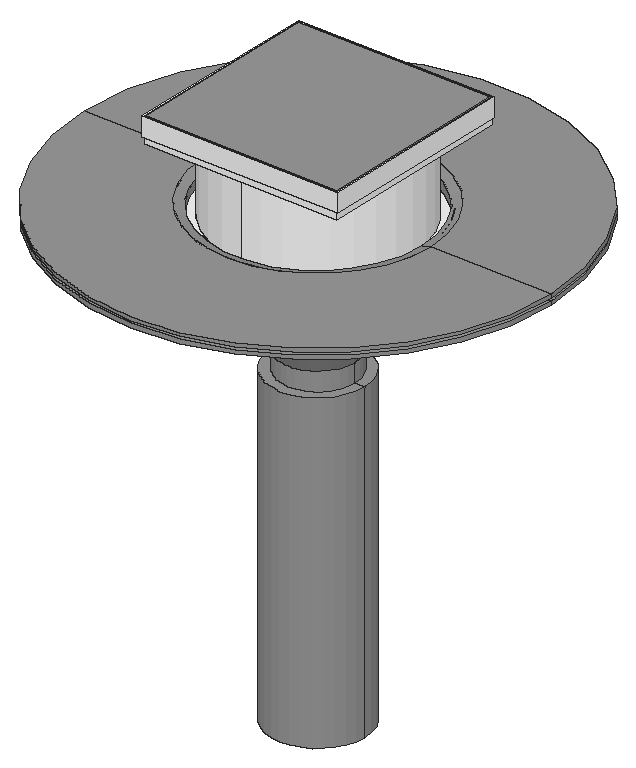
Revit family "HL_RU_Roof drain_HL69BP-B-221103", category Instalační zařizovací předměty, Revit 2021
Family settings
  Kóta kulaté spojky = Použít průměr
  Typ dílu = Normální
  Číslo OmniClass = 23.70.50.21.24.14
  Nadpis OmniClass = Deck Waste Water Drains
  Založené na pracovní rovině = Ne
  Vždy vertikální = Ano
  Ořezat dutým tvarem při načtení = Ne
  Sdílené = Ne
  Bod výpočtu místnosti = Ano
Parameters (values of type "HL_Кровельная воронка_HL69BP_7")
  РЕШЁТКА = "Edelstahl 137x137mm"
  РАЗМЕР = "für DN75"
  ПРОПУСКНАЯ СПОСОБНОСТЬ [instance] = 0.0 L/s
  ПРОИЗВОДИТЕЛЬНОСТЬ = "7,00 l/sec"
  ПРАВОВАЯ ИНФОРМАЦИЯ = "Авторские права(©), права на дизайн или какие либо другие права интелектуальной собственности являются исключительной собственностью компании HL Hutterer & Lechner. Изменению не подлежит. Файл семейства с данными о прозводителе изделия защищен паролем с водяным знаком."
  НОМИНАЛЬНЫЙ ДИАМЕТР = 75 mm
  НАСАДКА = "12-65mm/148x148mm"
  МАТЕРИАЛ = "PP/PVC"
  МАКСИМАЛЬНАЯ НАГРУЗКА КЛАССА = "K - 300 kg"
  ВЫСОТА МОНТАЖА = "301 mm"
  ВЕС = "1,961 [kg]"
  Výchozí výška = 0 mm
  Výrobce = "HL Hutterer & Lechner GmbH"  # constant formula
  URL = "http://www.hutterer-lechner.com/ru/products/catalog/roof-drains/HL69BP/7.aspx"
  Материал плитка [instance] = none
  Přípoj ventilace = no
  Přípoj odpadních dílů = yes
  Přípoj HW = no
  Přípoj CW = no
  Popis = "Кровельные воронки"
  Model = "HL69BP_7"
  Assembly Code = " "
  Komentáře k typům = "HL69BP/7, \"Ремонтная\" кровельная воронка с ПВХ_консолью для DN75. Может использоваться для эксплуатируемой кровли _ 148х148мм/137х137мм"
  Keynote = "HL69BP_7"
  EAN = "9003076022748"
  Bысота монтажа [instance] = 65 mm
  G [instance] = 180.00°  # constant formula
  D [instance] = if(НОМИНАЛЬНЫЙ ДИАМЕТР = 75 mm, 250.7 mm, if(НОМИНАЛЬНЫЙ ДИАМЕТР = 160 mm, 250.7 mm, 363.5 mm)) + Bысота монтажа  # 315.7 mm
  C [instance] = if(Bысота монтажа - 68 mm < 0 mm, 0 mm, Bысота монтажа - 68 mm)  # 0 mm
  B [instance] = 100 mm  # constant formula
  A [instance] = if(B - 100 mm > 15 mm, B - 100 mm, 15 mm)  # 15 mm
Types (4, lengths in mm): name | РАЗМЕР | ПРОИЗВОДИТЕЛЬНОСТЬ | НОМИНАЛЬНЫЙ ДИАМЕТР | ВЕС | URL | Model | Komentáře k typům | Keynote | EAN | D
  (no name) | "für DN75" | "7,00 l/sec" | 75 | "1,961 [kg]" | "http://www.hutterer-lechner.com/ru/products/catalog/roof-drains/HL69BP/7.aspx" | "HL69BP_7" | "HL69BP/7, \"Ремонтная\" кровельная воронка с ПВХ_консолью для DN75. Может использоваться для эксплуатируемой кровли _ 148х148мм/137х137мм" | "HL69BP_7" | "9003076022748" | 315.7
  HL_Кровельная воронка_HL69BP_1 | "für DN110" | "6,83 l/s" | 110 | "2,02 [kg]" | "http://www.hutterer-lechner.com/ru/products/catalog/roof-drains/HL69BP/1.aspx" | "HL69BP_1" | "HL69BP/1, \"Ремонтная\" кровельная воронка с ПВХ_консолью для DN110. Может использоваться для эксплуатируемой кровли _ 148х148мм/137х137мм" | "HL69BP_1" | "9003076022687" | 428.5
  HL_Кровельная воронка_HL69BP_5 | "für DN160" | "6,50 l/s" | 160 | "2,02 [kg]" | "http://www.hutterer-lechner.com/ru/products/catalog/roof-drains/HL69BP/5.aspx" | "HL69BP_5" | "HL69BP/5, \"Ремонтная\" кровельная воронка с ПВХ_консолью для DN160. Может использоваться для эксплуатируемой кровли _ 148х148мм/137х137мм" | "HL69BP_5" | "9003076022724" | 315.7
  HL_Кровельная воронка_HL69BP_7 | "für DN75" | "7,00 l/sec" | 75 | "1,961 [kg]" | "http://www.hutterer-lechner.com/ru/products/catalog/roof-drains/HL69BP/7.aspx" | "HL69BP_7" | "HL69BP/7, \"Ремонтная\" кровельная воронка с ПВХ_консолью для DN75. Может использоваться для эксплуатируемой кровли _ 148х148мм/137х137мм" | "HL69BP_7" | "9003076022748" | 315.7
Reference planes
  plane 1 "Center (Front/Back)": y = 0
  plane 2: z = 0
  plane 3 "Center (Left/Right)": x = 0
  plane 4: z = -100
  plane 5: z = -65
Lines and regions (mm)
  model lines, style "InvisibleLines"
    curve 1: line (0, 0, 0) -> (0, 0, 20)
  model lines, style "PlumbingFixtures", detail levels coarse+medium
    curve 2: line (0, 0, -100) -> (0, 0, -85)
    curve 3: line (0, 0, -85) -> (-85, 0, 0)
    curve 4: line (0, 0, -85) -> (85, 0, 0)
    curve 6: line (0, 0, -100) -> (0, 0, -415.7)
  reference lines, not visible
    curve 5: line (0, 0, -100) -> (0, 0, -415.7)
  symbolic lines, style "PlumbingFixtures", detail levels coarse+medium
    curve 7: line (-75, 75, 0) -> (75, 75, 0)
    curve 8: line (-75, -75, 0) -> (-75, 75, 0)
    curve 9: line (75, -75, 0) -> (-75, -75, 0)
    curve 10: line (75, 75, 0) -> (75, -75, 0)
    curve 11: line (-75, 75, 0) -> (-145.711, 145.711, 0)
    curve 12: line (75, 75, 0) -> (145.711, 145.711, 0)
    curve 13: line (-75, -75, 0) -> (-145.711, -145.711, 0)
    curve 14: line (75, -75, 0) -> (145.711, -145.711, 0)
  symbolic lines, style "PlumbingFixtures", not visible, detail levels coarse+medium
    curve 15: line (-75, 75, 0) -> (75, 75, 0)
    curve 16: line (-75, -75, 0) -> (-75, 75, 0)
    curve 17: line (75, -75, 0) -> (-75, -75, 0)
    curve 18: line (75, 75, 0) -> (75, -75, 0)
    curve 19: line (-75, 75, 0) -> (-145.711, 145.711, 0)
    curve 20: line (75, 75, 0) -> (145.711, 145.711, 0)
    curve 21: line (-75, -75, 0) -> (-145.711, -145.711, 0)
    curve 22: line (75, -75, 0) -> (145.711, -145.711, 0)
Text (mm)
  text "FLOOR" at (-162.344, 0, -10.979), in view "Drain Construction View"
Dimensions and locks
  "B": plane 2 to plane 4
  "Bысота монтажа": plane 2 to plane 5
  "A": curve 4 to plane 4
  "D": curve 5 to curve 5
  "D": curve 6 to curve 6
  locked: curve 4 to plane 3 "Center (Left/Right)" (angle 45.00°)
  locked: plane 3 "Center (Left/Right)" to curve 3 (angle 45.00°)
  "G": angle curve 5 to plane 3 "Center (Left/Right)"
  aligned and locked: level to plane 2
  aligned and locked: plane 2 to curve 4
  aligned and locked: plane 2 to curve 3
  aligned and locked: plane 4 to curve 5
  aligned and locked: plane 3 "Center (Left/Right)" to curve 5
  aligned and locked: plane 4 to curve 2
  aligned and locked: curve 6 to plane 3 "Center (Left/Right)"
  aligned and locked: curve 6 to plane 4
  aligned and locked: plane 2 to nested 1
  aligned and locked: nested 2 to plane 3 "Center (Left/Right)"
  aligned and locked: plane 3 "Center (Left/Right)" to nested 1
  aligned and locked: nested 2 to plane 5
Automatic sketch dimensions
  curve 2 to plane 3 "Center (Left/Right)" = 0 mm
  curve 1 to plane 3 "Center (Left/Right)" = 0 mm
  curve 1 to level = 0 mm
  level to curve 1 = 20 mm
Nested families
  nested 1: "HL_Насадка_HL66.9S" at (0, 0, 0), Bысота монтажа <- "Bысота монтажа", type "HL_Grate frame_HL66.9S"
    with L 93 mm, IHmin 12 mm, IHmax 65 mm, Bысота монтажа 65 mm
  nested 2: "HL_кровельные воронки - корпус_HL69P" at (0, 0, -69.5), НОМИНАЛЬНЫЙ ДИАМЕТР <- "НОМИНАЛЬНЫЙ ДИАМЕТР", type "HL_кровельные воронки - корпус_HL69P"
    with НОМИНАЛЬНЫЙ ДИАМЕТР 75 mm, C no, B yes, A no
Connectors
  piping at (0, 0, -415.7), diameter 75, driven by "ПРОПУСКНАЯ СПОСОБНОСТЬ", driven by "НОМИНАЛЬНЫЙ ДИАМЕТР"
    settings: on curve 5, index 1, connector inside diameter 609.6 mm, connector length 0 mm, flow factor 0, pipe flow 0.0 L/s, pressure drop 0.0 Pa, fitting loss kfactor 0, connector angle 0.00°, fixture units 0, engagement length 0 mm, angle of deflection 0.00°, flow configuration 1, flow direction 2, fitting loss method 0, system type 16, joint type 0, gender type 0, connector reference index -1, connector utility 0, adjustable connector yes, is connector primary yes, connector description ""
Definition of nested family "HL_Насадка_HL66.9S"
  Parameters (values of type "HL_Grate frame_HL66.9S")
    РЕШЁТКА = "Edelstahl 138x138mm"
    РАЗМЕР = "d 145 mm"
    ПРАВОВАЯ ИНФОРМАЦИЯ = "Авторские права(©), права на дизайн или какие либо другие права интелектуальной собственности являются исключительной собственностью компании HL Hutterer & Lechner. Изменению не подлежит. Файл семейства с данными о прозводителе изделия защищен паролем с водяным знаком."
    НАСАДКА = "147x147mm"
    МАТЕРИАЛ = "PP"
    МАКСИМАЛЬНАЯ НАГРУЗКА КЛАССА = "K - 300 kg"
    ВЫСОТА МОНТАЖА = "12-65mm"
    Материал плитка = none
    ВЕС = "0,345 [kg]"
    Default Elevation = 0 mm
    L [instance] = if(Bысота монтажа < IHmin, -100 mm, if(Bысота монтажа > IHmax, -100 mm, Bысота монтажа + 28 mm))  # 93 mm
    Manufacturer = "HL Hutterer & Lechner GmbH"
    URL = "http://www.hutterer-lechner.com/ru/products/catalog/roof-drains/HL66.9.aspx"
    Description = "Кровельные воронки"
    Model = "HL66.9"
    Type Comments = "HL66.9, Насадка d 145мм с бороздками/147х147мм/138х138мм"
    Keynote = "HL66.9"
    Bысота монтажа [instance] = 65 mm
    IHmin [instance] = 12 mm
    IHmax [instance] = 65 mm
    EAN = "9003076014606"
    Cost = 0
  Reference planes
    plane 1 "Střed (vpředu/vzadu)": y = 0
    plane 2: z = 0
    plane 3 "Střed (vlevo/vpravo)": x = 0
  Forms (mm)
    Revolve 1, solid, detail levels fine
      sketch origin (0, 0, 128) x (0, 1, 0) y (0, 0, 1)
        loop
          line (72.5, -142) -> (69.248, -142) -> (69.248, -221) -> (72.5, -221) -> (72.5, -142)
        axis (0, -142) -> (0, -221)
      angle from 0 to 360
    Extrusion 2, solid, detail levels fine
      sketch origin (-1.537, 0, -14.6) x (0, 1, 0) y (-1, 0, 0)
        loop
          line (74, 72.459) -> (-74, 72.459) -> (-74, -75.537) -> (74, -75.537) -> (74, 72.459)
        loop
          line (73, 71.463) -> (-73, 71.463) -> (-73, -74.537) -> (73, -74.537) -> (73, 71.463)
      from 0.6 to 14.6
    Extrusion 3, solid, detail levels fine
      sketch origin (-1.537, 0, -14) x (-1, 0, 0) y (0, 1, 0)
        loop
          line (71.463, 73) -> (-74.537, 73) -> (-74.537, -73) -> (71.463, -73) -> (71.463, 73)
        loop
          circle (-1.537, 0) r 72.5
      from 0 to 5
    Extrusion 4, solid, detail levels fine
      sketch origin (-1.537, 0, -14) x (-1, 0, 0) y (0, -1, 0)
        loop
          line (70.95, -72.397) -> (70.95, 72.463) -> (-74.05, 72.463) -> (-74.05, -72.397) -> (70.95, -72.397)
      from 0 to 14
    Revolve 5, solid, detail levels fine
      sketch origin (0, 75.989, -93) x (0, -1, 0) y (0, 0, -1)
        loop
          line (3.489, -20) -> (3.489, 0) -> (0.186, 0) -> (-2.325, -2.511) -> (-2.325, -20) -> (3.489, -20)
        axis (75.989, -20) -> (75.989, 0)
      angle from 0 to 360
  Lines and regions (mm)
    model lines, detail levels fine
      curve 1: line (36.25, 24.325, 0) -> (36.25, -24.42, 0)
      curve 2: line (43.75, -24.42, 0) -> (43.75, 24.325, 0)
      curve 3: line (52.25, 40.306, 0) -> (52.25, -40.355, 0)
      curve 4: line (59.75, -40.355, 0) -> (59.75, 40.306, 0)
      curve 5: line (20.25, 8.588, 0) -> (20.25, -8.684, 0)
      curve 6: line (27.75, -8.684, 0) -> (27.75, 8.588, 0)
      curve 7: arc (27.75, 8.588, 0) -> (24, 12.338, 0) -> (20.25, 8.588, 0) r 3.75
      curve 8: arc (20.25, -8.684, 0) -> (24, -12.434, 0) -> (27.75, -8.684, 0) r 3.75
      curve 9: arc (36.25, -24.42, 0) -> (40, -28.17, 0) -> (43.75, -24.42, 0) r 3.75
      curve 10: arc (43.75, 24.325, 0) -> (40, 28.075, 0) -> (36.25, 24.325, 0) r 3.75
      curve 11: arc (59.75, 40.306, 0) -> (56, 44.056, 0) -> (52.25, 40.306, 0) r 3.75
      curve 12: arc (52.25, -40.355, 0) -> (56, -44.105, 0) -> (59.75, -40.355, 0) r 3.75
      curve 13: line (-24.325, -36.25, 0) -> (24.42, -36.25, 0)
      curve 14: line (24.42, -43.75, 0) -> (-24.325, -43.75, 0)
      curve 15: line (-40.306, -52.25, 0) -> (40.355, -52.25, 0)
      curve 16: line (40.355, -59.75, 0) -> (-40.306, -59.75, 0)
      curve 17: line (-8.588, -20.25, 0) -> (8.684, -20.25, 0)
      curve 18: line (8.684, -27.75, 0) -> (-8.588, -27.75, 0)
      curve 19: arc (-8.588, -27.75, 0) -> (-12.338, -24, 0) -> (-8.588, -20.25, 0) r 3.75
      curve 20: arc (8.684, -20.25, 0) -> (12.434, -24, 0) -> (8.684, -27.75, 0) r 3.75
      curve 21: arc (24.42, -36.25, 0) -> (28.17, -40, 0) -> (24.42, -43.75, 0) r 3.75
      curve 22: arc (-24.325, -43.75, 0) -> (-28.075, -40, 0) -> (-24.325, -36.25, 0) r 3.75
      curve 23: arc (-40.306, -59.75, 0) -> (-44.056, -56, 0) -> (-40.306, -52.25, 0) r 3.75
      curve 24: arc (40.355, -52.25, 0) -> (44.105, -56, 0) -> (40.355, -59.75, 0) r 3.75
      curve 25: line (36.25, -24.42, 0) -> (36.25, 24.325, 0)
      curve 26: line (43.75, 24.325, 0) -> (43.75, -24.42, 0)
      curve 27: line (52.25, -40.355, 0) -> (52.25, 40.306, 0)
      curve 28: line (59.75, 40.306, 0) -> (59.75, -40.355, 0)
      curve 29: line (20.25, -8.684, 0) -> (20.25, 8.588, 0)
      curve 30: line (27.75, 8.588, 0) -> (27.75, -8.684, 0)
      curve 31: arc (27.75, -8.588, 0) -> (24, -12.338, 0) -> (20.25, -8.588, 0) r 3.75
      curve 32: arc (20.25, 8.684, 0) -> (24, 12.434, 0) -> (27.75, 8.684, 0) r 3.75
      curve 33: arc (36.25, 24.42, 0) -> (40, 28.17, 0) -> (43.75, 24.42, 0) r 3.75
      curve 34: arc (43.75, -24.325, 0) -> (40, -28.075, 0) -> (36.25, -24.325, 0) r 3.75
      curve 35: arc (59.75, -40.306, 0) -> (56, -44.056, 0) -> (52.25, -40.306, 0) r 3.75
      curve 36: arc (52.25, 40.355, 0) -> (56, 44.105, 0) -> (59.75, 40.355, 0) r 3.75
      curve 37: line (24.42, -36.25, 0) -> (-24.325, -36.25, 0)
      curve 38: line (-24.325, -43.75, 0) -> (24.42, -43.75, 0)
      curve 39: line (40.355, -52.25, 0) -> (-40.306, -52.25, 0)
      curve 40: line (-40.306, -59.75, 0) -> (40.355, -59.75, 0)
      curve 41: line (8.684, -20.25, 0) -> (-8.588, -20.25, 0)
      curve 42: line (-8.588, -27.75, 0) -> (8.684, -27.75, 0)
      curve 43: arc (8.588, -27.75, 0) -> (12.338, -24, 0) -> (8.588, -20.25, 0) r 3.75
      curve 44: arc (-8.684, -20.25, 0) -> (-12.434, -24, 0) -> (-8.684, -27.75, 0) r 3.75
      curve 45: arc (-24.42, -36.25, 0) -> (-28.17, -40, 0) -> (-24.42, -43.75, 0) r 3.75
      curve 46: arc (24.325, -43.75, 0) -> (28.075, -40, 0) -> (24.325, -36.25, 0) r 3.75
      curve 47: arc (40.306, -59.75, 0) -> (44.056, -56, 0) -> (40.306, -52.25, 0) r 3.75
      curve 48: arc (-40.355, -52.25, 0) -> (-44.105, -56, 0) -> (-40.355, -59.75, 0) r 3.75
      curve 49: line (-36.25, 24.325, 0) -> (-36.25, -24.325, 0)
      curve 50: line (-43.75, -24.325, 0) -> (-43.75, 24.325, 0)
      curve 51: line (-52.25, 40.306, 0) -> (-52.25, -40.306, 0)
      curve 52: line (-59.75, -40.306, 0) -> (-59.75, 40.306, 0)
      curve 53: line (-20.25, 8.588, 0) -> (-20.25, -8.588, 0)
      curve 54: line (-27.75, -8.684, 0) -> (-27.75, 8.588, 0)
      curve 55: arc (-27.75, 8.588, 0) -> (-24, 12.338, 0) -> (-20.25, 8.588, 0) r 3.75
      curve 56: arc (-20.25, -8.684, 0) -> (-24, -12.434, 0) -> (-27.75, -8.684, 0) r 3.75
      curve 57: arc (-43.75, 24.325, 0) -> (-40, 28.075, 0) -> (-36.25, 24.325, 0) r 3.75
      curve 58: arc (-59.75, 40.306, 0) -> (-56, 44.056, 0) -> (-52.25, 40.306, 0) r 3.75
      curve 59: line (-36.25, -24.325, 0) -> (-36.25, 24.325, 0)
      curve 60: line (-43.75, 24.325, 0) -> (-43.75, -24.325, 0)
      curve 61: line (-52.25, -40.306, 0) -> (-52.25, 40.306, 0)
      curve 62: line (-59.75, 40.306, 0) -> (-59.75, -40.306, 0)
      curve 63: line (-20.25, -8.588, 0) -> (-20.25, 8.588, 0)
      curve 64: line (-27.75, 8.588, 0) -> (-27.75, -8.684, 0)
      curve 65: arc (-27.75, -8.588, 0) -> (-24, -12.338, 0) -> (-20.25, -8.588, 0) r 3.75
      curve 66: arc (-20.25, 8.684, 0) -> (-24, 12.434, 0) -> (-27.75, 8.684, 0) r 3.75
      curve 67: arc (-36.25, 24.42, 0) -> (-40, 28.17, 0) -> (-43.75, 24.42, 0) r 3.75
      curve 68: arc (-43.75, -24.325, 0) -> (-40, -28.075, 0) -> (-36.25, -24.325, 0) r 3.75
      curve 69: arc (-59.75, -40.306, 0) -> (-56, -44.056, 0) -> (-52.25, -40.306, 0) r 3.75
      curve 70: arc (-52.25, 40.355, 0) -> (-56, 44.105, 0) -> (-59.75, 40.355, 0) r 3.75
      curve 71: line (-24.42, 36.25, 0) -> (24.325, 36.25, 0)
      curve 72: line (24.42, 43.75, 0) -> (-24.42, 43.75, 0)
      curve 73: line (-40.355, 52.25, 0) -> (40.306, 52.25, 0)
      curve 74: line (40.306, 59.75, 0) -> (-40.355, 59.75, 0)
      curve 75: line (-8.588, 20.25, 0) -> (8.588, 20.25, 0)
      curve 76: line (8.684, 27.75, 0) -> (-8.588, 27.75, 0)
      curve 77: arc (-8.588, 27.75, 0) -> (-12.338, 24, 0) -> (-8.588, 20.25, 0) r 3.75
      curve 78: arc (8.684, 20.25, 0) -> (12.434, 24, 0) -> (8.684, 27.75, 0) r 3.75
      curve 79: arc (24.42, 36.25, 0) -> (28.17, 40, 0) -> (24.42, 43.75, 0) r 3.75
      curve 80: line (24.325, 36.25, 0) -> (-24.42, 36.25, 0)
      curve 81: line (-24.42, 43.75, 0) -> (24.42, 43.75, 0)
      curve 82: line (40.306, 52.25, 0) -> (-40.355, 52.25, 0)
      curve 83: line (-40.355, 59.75, 0) -> (40.306, 59.75, 0)
      curve 84: line (8.588, 20.25, 0) -> (-8.588, 20.25, 0)
      curve 85: line (-8.588, 27.75, 0) -> (8.684, 27.75, 0)
      curve 86: arc (8.588, 27.75, 0) -> (12.338, 24, 0) -> (8.588, 20.25, 0) r 3.75
      curve 87: arc (-8.684, 20.25, 0) -> (-12.434, 24, 0) -> (-8.684, 27.75, 0) r 3.75
      curve 88: arc (-24.42, 36.25, 0) -> (-28.17, 40, 0) -> (-24.42, 43.75, 0) r 3.75
      curve 89: arc (24.325, 43.75, 0) -> (28.075, 40, 0) -> (24.325, 36.25, 0) r 3.75
      curve 90: arc (40.306, 59.75, 0) -> (44.056, 56, 0) -> (40.306, 52.25, 0) r 3.75
      curve 91: arc (-40.355, 52.25, 0) -> (-44.105, 56, 0) -> (-40.355, 59.75, 0) r 3.75
    reference lines
      curve 92: line (0, 75.989, -93) -> (0, -174.011, -93)
  Dimensions and locks
    Extrusion 2 sketch curve to Extrusion 2 sketch curve = 147.996 mm
    Extrusion 2 sketch curve to Extrusion 2 sketch curve = 148 mm
    "L": curve 92 to plane 2
    aligned and locked: level to plane 2
    aligned and locked: Revolve 1 to curve 92
  Automatic sketch dimensions
    plane 1 "Střed (vpředu/vzadu)" to Extrusion 2 sketch curve = 74 mm
    Extrusion 2 sketch curve to Extrusion 2 sketch curve = 1 mm  (x3)
    plane 3 "Střed (vlevo/vpravo)" to Extrusion 2 sketch curve = 74 mm
    Extrusion 2 sketch curve to Extrusion 2 sketch curve = 0.996 mm
    Extrusion 3 sketch curve to Extrusion 2 = 0 mm  (x4)
    Extrusion 3 sketch curve to Extrusion 2 = 73 mm  (x2)
    Extrusion 2 to curve 16 = 13.25 mm
    curve 24 to curve 47 = 3.75 mm
    curve 47 to curve 24 = 0 mm
    curve 48 to curve 23 = 0 mm  (x2)
    curve 23 to curve 38 = 8.5 mm
    curve 24 to curve 12 = 11.895 mm
    curve 12 to curve 35 = 0.048 mm
    curve 15 to curve 69 = 11.944 mm
    curve 22 to curve 45 = 3.75 mm
    curve 21 to curve 46 = 3.75 mm
    curve 46 to curve 21 = 0 mm
    curve 22 to curve 18 = 8.5 mm
    curve 21 to curve 9 = 11.83 mm
    curve 13 to curve 49 = 11.925 mm
    curve 9 to curve 34 = 0.095 mm
    curve 18 to curve 19 = 3.75 mm
    curve 44 to curve 19 = 0 mm  (x2)
    curve 43 to curve 20 = 0 mm
    curve 20 to curve 5 = 11.566 mm
    curve 49 to curve 64 = 15.642 mm
    curve 8 to curve 31 = 0.095 mm
    curve 56 to curve 53 = 0.095 mm
    curve 65 to curve 64 = 17.177 mm
    curve 31 to curve 29 = 17.177 mm
    curve 7 to curve 32 = 0.095 mm
    curve 55 to curve 66 = 0.095 mm
    curve 32 to curve 84 = 11.566 mm
    curve 86 to curve 78 = 3.75 mm
    curve 86 to curve 78 = 0 mm
    curve 77 to curve 87 = 3.75 mm
    curve 87 to curve 77 = 0 mm  (x2)
    curve 66 to curve 60 = 15.642 mm
    curve 32 to curve 26 = 15.642 mm
    curve 10 to curve 33 = 0.095 mm
    curve 57 to curve 67 = 0.095 mm
    curve 33 to curve 71 = 11.83 mm
    curve 89 to curve 89 = 3.75 mm
    curve 88 to curve 88 = 3.75 mm
    curve 89 to curve 79 = 0 mm
    curve 33 to curve 11 = 15.886 mm
    curve 67 to curve 51 = 15.886 mm
    curve 58 to curve 70 = 0.048 mm
    curve 11 to curve 36 = 0.048 mm
    curve 70 to curve 73 = 11.895 mm
    curve 90 to curve 90 = 3.75 mm
    Extrusion 2 to curve 28 = 13.25 mm
    curve 4 to curve 11 = 3.75 mm
    curve 35 to curve 12 = 0 mm
    curve 36 to curve 11 = 0 mm
    curve 3 to curve 2 = 8.5 mm
    curve 3 to curve 39 = 11.895 mm
    curve 11 to curve 83 = 11.944 mm
    curve 24 to curve 47 = 0.048 mm
    curve 26 to curve 9 = 3.75 mm
    curve 33 to curve 10 = 0 mm
    curve 34 to curve 9 = 0 mm
    curve 34 to curve 30 = 8.5 mm
    curve 90 to curve 72 = 15.886 mm
    curve 1 to curve 21 = 11.83 mm
    curve 79 to curve 80 = 0.095 mm
    curve 21 to curve 46 = 0.095 mm
    curve 6 to curve 32 = 3.75 mm
    curve 6 to curve 8 = 3.75 mm
    curve 31 to curve 8 = 0 mm
    curve 29 to curve 17 = 11.566 mm
    curve 7 to curve 78 = 11.566 mm
    curve 78 to curve 86 = 0.095 mm
    curve 20 to curve 43 = 0.095 mm
    curve 43 to curve 41 = 17.177 mm
    curve 86 to curve 77 = 17.177 mm
    curve 19 to curve 44 = 0.095 mm
    curve 77 to curve 87 = 0.095 mm
    curve 87 to curve 53 = 11.566 mm
    curve 53 to curve 66 = 3.75 mm
    curve 55 to curve 66 = 0 mm
    curve 56 to curve 54 = 3.75 mm
    curve 65 to curve 56 = 0 mm
    curve 44 to curve 14 = 15.642 mm
    curve 22 to curve 45 = 0.095 mm
    curve 87 to curve 72 = 15.736 mm
    curve 45 to curve 59 = 11.83 mm
    curve 57 to curve 67 = 3.75 mm
    curve 68 to curve 68 = 3.75 mm
    curve 45 to curve 15 = 15.886 mm
    curve 23 to curve 48 = 0.048 mm
    curve 72 to curve 74 = 15.935 mm
    curve 91 to curve 51 = 11.895 mm
    curve 51 to curve 70 = 3.75 mm
    curve 51 to curve 69 = 3.75 mm
    curve 45 to curve 22 = 0 mm
    curve 36 to curve 28 = 0 mm
    curve 33 to curve 2 = 0 mm
    curve 32 to curve 30 = 0 mm
    curve 66 to curve 55 = 0 mm
    curve 67 to curve 57 = 0 mm
    curve 70 to curve 51 = 0 mm
    Extrusion 4 sketch curve to Extrusion 3 = 0.487 mm
    Extrusion 4 sketch curve to Extrusion 3 = 0.513 mm
    Extrusion 4 sketch curve to Extrusion 3 = 0.603 mm
    Extrusion 4 sketch curve to Extrusion 3 = 0.537 mm
    Revolve 1 sketch curve to plane 1 "Střed (vpředu/vzadu)" = 0 mm
    Revolve 1 sketch curve to level = 14 mm
    Revolve 1 sketch curve to plane 1 "Střed (vpředu/vzadu)" = 69.248 mm
    Revolve 1 sketch curve to Revolve 1 sketch curve = 3.252 mm
    Revolve 1 sketch curve to Revolve 1 sketch curve = 79 mm
    Revolve 1 sketch curve to Revolve 1 sketch curve = 17.5 mm
    level to Revolve 1 sketch curve = 144.5 mm
    Revolve 5 sketch curve to curve 92 = 0 mm
    Revolve 5 sketch curve to curve 92 = 2.325 mm
    curve 92 to Revolve 5 sketch curve = 0.186 mm
    curve 92 to Revolve 5 sketch curve = 3.489 mm
    Revolve 5 sketch curve to curve 92 = 2.511 mm
    Revolve 5 sketch curve to curve 92 = 20 mm
    curve 92 to Revolve 5 sketch curve = 75.989 mm
    Revolve 5 sketch curve to curve 92 = 393 mm
    curve 92 to Revolve 5 sketch curve = 207 mm
    plane 1 "Střed (vpředu/vzadu)" to curve 92 = 174.011 mm
    curve 92 to plane 1 "Střed (vpředu/vzadu)" = 75.989 mm
    radius of Extrusion 3 sketch curve = 72.5 mm
Definition of nested family "HL_кровельные воронки - корпус_HL69P"
  Parameters (values of type "HL_кровельные воронки - корпус_HL69P")
    НОМИНАЛЬНЫЙ ДИАМЕТР [instance] = 110 mm
    Default Elevation = 0 mm
    Manufacturer = ""
    URL = ""
    Description = ""
    Model = ""
    Type Comments = ""
    Cost = 0
    C [instance] = if(НОМИНАЛЬНЫЙ ДИАМЕТР = 160 mm, (1 = 1), 0 = 1)  # no
    B [instance] = if(НОМИНАЛЬНЫЙ ДИАМЕТР = 75 mm, (1 = 1), 0 = 1)  # no
    A [instance] = if(or(НОМИНАЛЬНЫЙ ДИАМЕТР = 125 mm, НОМИНАЛЬНЫЙ ДИАМЕТР = 110 mm), (1 = 1), 0 = 1)  # yes
  Reference planes
    plane 1 "Střed (vpředu/vzadu)": y = 0
    plane 2: z = 0
    plane 3 "Střed (vlevo/vpravo)": x = 0
  Forms (mm)
    Revolve 1, solid, detail levels fine
      sketch origin (0, 0, 0) x (1, 0, 0) y (0, 0, 1)
        loop
          line (-177, -3) -> (-128.681, -3) -> (-104.622, -11.757) -> (-85.494, -11.757) -> (-85.494, -34.757) -> (-80.751, -34.757) -> (-80.751, -45.214) -> (0, -45.214) -> (0, -42) -> (-77.75, -42) -> (-77.75, -25.487) -> (-82.978, -18.291) -> (-82.978, 0) -> (-177, 0) -> (-177, -3)
        axis (0, 0) -> (0, -45.214)
      angle from 0 to 360
    Revolve 2, solid, detail levels fine
      sketch origin (0, 0, 0) x (1, 0, 0) y (0, 0, 1)
        loop
          line (-177, 2) -> (-81.339, 2) -> (-81.339, -18.661) -> (-76.5, -23.5) -> (-73.99, -23.5) -> (-79.024, -17.5) -> (-79.024, 2.5) -> (-85.999, 4.5) -> (-177, 4.5) -> (-177, 2)
        axis (0, 4.5) -> (0, -23.5)
      angle from 0 to 360
    Revolve 3, solid, visible <- "A", detail levels fine
      sketch origin (-420, 0, 0) x (1, 0, 0) y (0, 0, 1)
        loop
          line (374.558, -144) -> (420, -144) -> (420, -45.214) -> (346.285, -45.214) -> (356.819, -63.459) -> (356.819, -99) -> (374.558, -99) -> (374.558, -144)
        axis (420, -45.214) -> (420, -144)
      angle from 0 to 360
    Extrusion 4, solid, visible <- "A", detail levels fine
      sketch origin (0, 0, -144) x (0, 1, 0) y (1, 0, 0)
        loop
          circle (0, 0) r 55
      from 0 to 315
    Revolve 5, solid, visible <- "C", detail levels fine
      sketch origin (0, 0, 0) x (1, 0, 0) y (0, 0, 1)
        loop
          line (-73.507, -45.214) -> (-73.507, -67.214) -> (-63.507, -67.214) -> (-63.507, -107.714) -> (-81.007, -107.714) -> (-81.007, -346.214) -> (0, -346.214) -> (0, -45.214) -> (-73.507, -45.214)
        axis (0, -45.214) -> (0, -346.214)
      angle from 0 to 360
    Revolve 6, solid, visible <- "B", detail levels fine
      sketch origin (0, 0, 0) x (1, 0, 0) y (0, 0, 1)
        loop
          line (-28.12, -94.314) -> (-28.12, -108.214) -> (-35.72, -108.214) -> (-35.72, -346.214) -> (0, -346.214) -> (0, -45.214) -> (-62.726, -45.214) -> (-28.12, -94.314)
        axis (0, -45.214) -> (0, -346.214)
      angle from 0 to 360
  Dimensions and locks
    "НОМИНАЛЬНЫЙ ДИАМЕТР": diameter of Extrusion 4 sketch curve
    aligned and locked: level to plane 2
  Automatic sketch dimensions
    Revolve 1 sketch curve to level = 0 mm
    Revolve 1 sketch curve to plane 3 "Střed (vlevo/vpravo)" = 0 mm  (x2)
    Revolve 1 sketch curve to plane 3 "Střed (vlevo/vpravo)" = 77.75 mm
    Revolve 1 sketch curve to Revolve 1 sketch curve = 3.001 mm
    Revolve 1 sketch curve to level = 18.291 mm
    Revolve 1 sketch curve to Revolve 1 sketch curve = 5.228 mm
    Revolve 1 sketch curve to Revolve 1 sketch curve = 2.516 mm
    Revolve 1 sketch curve to Revolve 1 sketch curve = 19.128 mm
    Revolve 1 sketch curve to level = 3 mm
    Revolve 1 sketch curve to Revolve 1 sketch curve = 24.058 mm
    Revolve 1 sketch curve to Revolve 1 sketch curve = 48.319 mm
    Revolve 1 sketch curve to Revolve 1 sketch curve = 7.196 mm
    Revolve 1 sketch curve to Revolve 1 sketch curve = 9.27 mm
    Revolve 1 sketch curve to level = 42 mm
    Revolve 1 sketch curve to Revolve 1 sketch curve = 3.214 mm
    Revolve 1 sketch curve to level = 11.757 mm
    level to Revolve 1 sketch curve = 29.5 mm
    Revolve 1 sketch curve to Revolve 1 sketch curve = 50 mm
    Revolve 2 sketch curve to plane 3 "Střed (vlevo/vpravo)" = 0 mm
    Revolve 2 sketch curve to level = 23.5 mm
    Revolve 2 sketch curve to plane 3 "Střed (vlevo/vpravo)" = 73.99 mm
    Revolve 2 sketch curve to Revolve 2 sketch curve = 2.51 mm
    Revolve 2 sketch curve to level = 17.5 mm
    Revolve 2 sketch curve to Revolve 2 sketch curve = 2.524 mm
    Revolve 2 sketch curve to Revolve 2 sketch curve = 2.315 mm
    level to Revolve 2 sketch curve = 4.5 mm
    Revolve 2 sketch curve to Revolve 2 sketch curve = 4.66 mm
    level to Revolve 2 sketch curve = 2 mm
    Revolve 2 sketch curve to Revolve 2 sketch curve = 91.001 mm
    Revolve 2 sketch curve to Revolve 2 sketch curve = 1.161 mm
    Revolve 2 sketch curve to Revolve 2 sketch curve = 0.5 mm
    level to Revolve 2 sketch curve = 16.916 mm
    Revolve 2 sketch curve to Revolve 2 sketch curve = 27.433 mm
    Revolve 3 sketch curve to plane 3 "Střed (vlevo/vpravo)" = 0 mm  (x2)
    Revolve 3 sketch curve to plane 3 "Střed (vlevo/vpravo)" = 45.442 mm
    Revolve 3 sketch curve to Revolve 3 sketch curve = 17.739 mm
    Revolve 3 sketch curve to Revolve 3 sketch curve = 10.533 mm
    Revolve 3 sketch curve to level = 144 mm
    Revolve 3 sketch curve to Revolve 3 sketch curve = 45 mm
    Revolve 3 sketch curve to Revolve 3 sketch curve = 35.541 mm
    Revolve 3 sketch curve to level = 45.214 mm
    level to Revolve 3 sketch curve = 29.5 mm
    Revolve 3 sketch curve to Revolve 3 sketch curve = 50 mm
    Revolve 5 sketch curve to plane 3 "Střed (vlevo/vpravo)" = 0 mm
    Revolve 5 sketch curve to plane 3 "Střed (vlevo/vpravo)" = 63.507 mm
    Revolve 5 sketch curve to Revolve 5 sketch curve = 10 mm
    Revolve 5 sketch curve to Revolve 5 sketch curve = 17.5 mm
    Revolve 5 sketch curve to level = 346.214 mm
    Revolve 5 sketch curve to level = 107.714 mm
    Revolve 5 sketch curve to Revolve 5 sketch curve = 40.5 mm
    Revolve 5 sketch curve to Revolve 5 sketch curve = 22 mm
    Revolve 6 sketch curve to plane 3 "Střed (vlevo/vpravo)" = 0 mm
    Revolve 6 sketch curve to plane 3 "Střed (vlevo/vpravo)" = 28.12 mm
    Revolve 6 sketch curve to plane 3 "Střed (vlevo/vpravo)" = 35.72 mm
    Revolve 6 sketch curve to Revolve 6 sketch curve = 34.606 mm
    Revolve 6 sketch curve to level = 346.214 mm
    Revolve 6 sketch curve to level = 108.214 mm
    Revolve 6 sketch curve to Revolve 6 sketch curve = 13.9 mm
    Revolve 6 sketch curve to level = 45.214 mm
    Extrusion 4 sketch curve to Revolve 3 = 0 mm
